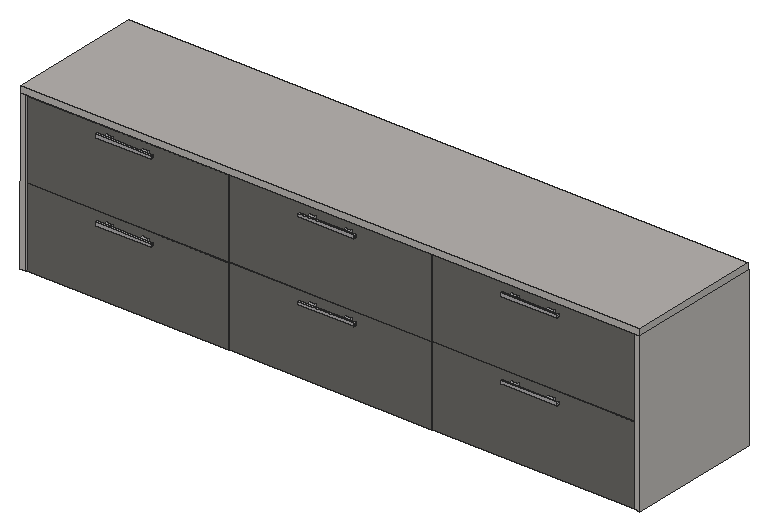
Revit family "Storage-Teknion-CWRS_Teknion_Reception_Console-R2016", category Furniture, Revit 2018
Family settings
  OmniClass Number = 23.40.20.00
  OmniClass Title = General Furniture and Specialties
  Work Plane-Based = No
  Always vertical = Yes
  Cut with Voids When Loaded = No
  Shared = Yes
  Room Calculation Point = No
Parameters (values of type "29" Height, No Top Divider")
  Width [instance] = 108.000"
  Warranty = "http://www.teknion.com/ca/papers/legal-canada"
  Vertical Door Cut Offset [instance] = if(and([All Single Drawer Upper - Closed Cabinet Lower], [2N]), 7.368", if(and([All Single Drawer Upper - Closed Cabinet Lower], not([2N])), 6.303", 0.000"))  # 0.000"
  Unit Weight URL = "http://www.teknion.com/ca/tools/assets#&asset=bee6a381-b954-425e-8283-5a2de3a804f2,f828d448-4b62-4231-9e5f-9a8991c0ed77"
  URL = "www.teknion.com"
  Triple Bay Offset [instance] = if(Triple Bay, 4.343", 0.500")  # 4.343"
  Triple Bay Door Offset [instance] = if(and(not(All Lateral File), Triple Bay), 4.343", 0.500")  # 0.500"
  Triple Bay [instance] = not(Double Bay)  # yes
  Top Side Offsets [instance] = if([4T], 0.000", 1.039")  # 1.039"
  To render, please download texture images found here [instance] = "https://assets.teknion.com/web/5e81352c1dfdb467/revit-material-swatches/"
  Sustainability Data = "https://www.teknion.com/ca/tools/assets#&topic=216f99a5-57a0-44fc-b10a-9dee9b29ae4c&asset=444deb64-fe58-4b68-981e-f75e97781df7,b4ff2d81-9f2e-437d-9659-7cffb09c31cf"
  Storage Configuration Notes [instance] = "Select one of these options below. All Lateral File is selected by default."  # constant formula
  Side Top Offsets = if([4T], Height, Height - 1.039")  # 27.961"
  Series = "Custom Wood"  # constant formula
  Pull Finish [instance] = Paint - Teknion - Mica - Titanium Grey
  Product Page URL = "https://www.teknion.com/ca/products/product-details?productLineId=0d82026f-8e7a-673b-a6c8-ff05004460c4"
  Product Line = "Teknion Reception"  # constant formula
  Product Documentation Link = "https://assets.teknion.com/m/148e0412a085a50e/original/Teknion-Reception-Sell-Sheet.pdf"
  Part Number = "CWRS"
  Not 4T = not([4T])  # yes
  Not 2N = not([2N])  # no
  Model = "CWRS2N_______"
  Manufacturer Phone = "416-661-3370"  # constant formula
  Manufacturer Fax = "416.661.4586"  # constant formula
  Manufacturer Contact Information = "http://www.teknion.com/ca/contactus"
  Manufacturer Address = "1150 Flint Road, Toronto, ON. M3J 2J5. Canada"  # constant formula
  Manufacturer = "Teknion"  # constant formula
  Interal Divider Offsets [instance] = if([4T], Height - 7.039", Height - 1.039")  # 27.961"
  How To Use Teknion Materials User Guide [instance] = "https://assets.teknion.com/m/205dd0a49fa58060/original/How-to-add-a-Material-Library-and-Texture-Images-to-your-Revit-project.pdf"
  Horizontal Drawer Cut Offset 2 [instance] = if(or(All Closed Cabinets, and(All Lateral File, [2N])), 0.500", 4.343")  # 0.500"
  Horizontal Drawer Cut Offset [instance] = if(All Lateral File, 4.343", 0.500")  # 4.343"
  Horizontal Drawer Cut Height Offset [instance] = if([2N], 13.902", 13.241")  # 13.902"
  Horizontal Drawer Cut 2 Height Offset [instance] = if(All Lateral File, 24.062", if([2N], 20.500", 28.500"))  # 24.062"
  Height = 29.000"
  Handle Vertical Triple [instance] = and(or(All Closed Cabinets, [All Single Drawer Upper - Closed Cabinet Lower]), Triple Bay)  # no
  Handle Vertical Offsets 2 [instance] = if(and([All Single Drawer Upper - Closed Cabinet Lower], [2N]), 3.991", if(and([All Single Drawer Upper - Closed Cabinet Lower], not([2N])), 3.991", 3.912"))  # 3.912"
  Handle Vertical Offsets [instance] = if(and([All Single Drawer Upper - Closed Cabinet Lower], [2N]), 2.759", if(and([All Single Drawer Upper - Closed Cabinet Lower], not([2N])), 2.759", 2.680"))  # 2.680"
  Handle Vertical Double [instance] = and(or(All Closed Cabinets, [All Single Drawer Upper - Closed Cabinet Lower]), Double Bay)  # no
  Handle Horizontal Top Triple [instance] = and(or(All Lateral File, [All Single Drawer Upper - Closed Cabinet Lower]), Triple Bay)  # yes
  Handle Horizontal Top Double [instance] = and(or(All Lateral File, [All Single Drawer Upper - Closed Cabinet Lower]), Double Bay)  # no
  Handle Horizontal Middle Triple [instance] = and(and(All Lateral File, not([2N])), Triple Bay)  # no
  Handle Horizontal Middle Double [instance] = and(and(All Lateral File, not([2N])), Double Bay)  # no
  Handle Horizontal Bottom Triple [instance] = and(All Lateral File, Triple Bay)  # yes
  Handle Horizontal Bottom Double [instance] = and(All Lateral File, Double Bay)  # no
  Front Finish [instance] = Wood - Teknion - DZ - Truffle
  For Additional Finishes, please visit [instance] = "https://assets.teknion.com/m/44a8009b046e5d47/original/Teknion_Materials_Library.zip"
  Double Bay Offset [instance] = if(Double Bay, 4.343", 0.500")  # 0.500"
  Double Bay Door Offset [instance] = if(and(not(All Lateral File), Double Bay), 4.343", 0.500")  # 0.500"
  Double Bay [instance] = or(Width = 60.000", Width = 72.000")  # no
  Description = "Teknion Reception, Console Storage, 29\" Height, No Top Divider"
  Depth [instance] = 24.000"
  Bottom Trim Offset = if([2N], 1.020", 2.343")  # 1.020"
  Bottom Trim Cutout [instance] = if([2N], 0.500", 4.343")  # 0.500"
  Base & Top Finish [instance] = Veneer-Teknion-5S-Flintwood-Silverwash
  Available Widths [instance] = "60, 72, 90, and 108 Inches."  # constant formula
  Availabile Depths [instance] = "20, and 24 Inches."  # constant formula
  Assembly Code = "E2020200"
  All Single Drawer Upper Closed Cabinet Lower & Triple [instance] = and([All Single Drawer Upper - Closed Cabinet Lower], Triple Bay)  # no
  All Single Drawer Upper Closed Cabinet Lower & Double [instance] = and([All Single Drawer Upper - Closed Cabinet Lower], Double Bay)  # no
  All Single Drawer Upper - Closed Cabinet Lower [instance] = no
  All Lateral File [instance] = and(not(All Closed Cabinets), not([All Single Drawer Upper - Closed Cabinet Lower]))  # yes
  All Closed Cabinets & Triple [instance] = and(All Closed Cabinets, Triple Bay)  # no
  All Closed Cabinets & Double [instance] = and(All Closed Cabinets, Double Bay)  # no
  All Closed Cabinets [instance] = no
  Actual Width [instance] = Width + 2.079"  # 110.079"
  4T&Triple [instance] = and([4T], Triple Bay)  # no
  4T&Double [instance] = and([4T], Double Bay)  # no
  4T = no
  3N = no
  2N = yes
Reference planes (in)
  plane 1 "Center Front/Back": y = 0
  plane 2: z = 0
  plane 3 "Center Left/Right": x = 0
  plane 4 "Left": x = -55.0395
  plane 5 "Right": x = 55.0395
  plane 6 "Back": y = 12
  plane 7 "Front": y = -12
  plane 8 "Top": z = 29
  plane 9: x = -27.00006
  plane 10: x = -54.00013
  plane 11: x = 54.00013
  plane 12: x = 27.00006
  plane 13: x = -18.00004
  plane 14: x = 18.00004
  plane 15: z = 27.961
  plane 16: z = 27.961
  plane 17: x = -19.03904
  plane 18: x = -16.96104
  plane 19: x = -1.039
  plane 20: x = 1.039
  plane 21: x = -52.96113
  plane 22: y = 11.882
  plane 23: x = 16.96104
  plane 24: x = 19.03904
  plane 25: x = 52.96113
  plane 26: y = -11.039
  plane 27: y = -10.98
  plane 28: y = -10.256
  plane 29: z = 27.23622
  plane 30: z = 2.5
  plane 31: z = 3.22441
  plane 32: y = 9.88189
  plane 33: y = 9.15748
  plane 34: y = -11.157
  plane 35: y = -11.882
  plane 36: x = -53.96113
  plane 37 "B": x = 53.96113
  plane 38: z = 27.882
  plane 39: x = -36.00009
  plane 40: x = 36.00009
  plane 41: y = -14
  plane 42 "A": x = -55.03913
  plane 43 "C": x = 55.03913
  plane 44: y = 4
  plane 45: z = 13.902
  plane 46: z = 27.882
  plane 47: z = 24.062
Forms (in)
  Sweep 1, solid, material "Veneer-Teknion-5S-Flintwood-Silverwash" <- "Base & Top Finish"
    path origin (0, 0, 0) x (1, 0, 0) y (0, 0, 1)
      loop
        line (0, 0) -> (0, 27.961)
    profile origin (0, 0, 13.9805) x (-1, 0, 0) y (0, -1, 0)
      loop
        line (55.0395, -12) -> (55.0395, 12) -> (54.00013, 12) -> (54.00013, -12) -> (55.0395, -12)
      loop
        line (-54.00013, -12) -> (-54.00013, 12) -> (-55.0395, 12) -> (-55.0395, -12) -> (-54.00013, -12)
  Sweep 2, solid, material "Wood - Teknion - DZ - Truffle" <- "Front Finish"
    path origin (0, 0, 0) x (1, 0, 0) y (0, 0, 1)
      loop
        line (0, 0) -> (0, 27.961)
    profile origin (0, 0, 13.9805) x (-1, 0, 0) y (0, -1, 0)
      loop
        line (54.00013, -11.882) -> (54.00013, 11.039) -> (52.96113, 11.039) -> (52.96113, -11.882) -> (54.00013, -11.882)
      loop
        line (-54.00013, -11.882) -> (-52.96113, -11.882) -> (-52.96113, 11.039) -> (-54.00013, 11.039) -> (-54.00013, -11.882)
  Sweep 3, solid, material "Wood - Teknion - DZ - Truffle" <- "Front Finish", visible <- "Triple Bay"
    path origin (0, 0, 0) x (1, 0, 0) y (0, 0, 1)
      loop
        line (0, 0) -> (0, 27.961)
    profile origin (0, 0, 13.9805) x (-1, 0, 0) y (0, -1, 0)
      loop
        line (19.03904, -11.882) -> (19.03904, 11.039) -> (18.00004, 11.039) -> (18.00004, -11.882) -> (19.03904, -11.882)
      loop
        line (-19.03904, -11.882) -> (-18.00004, -11.882) -> (-18.00004, 11.039) -> (-19.03904, 11.039) -> (-19.03904, -11.882)
  Sweep 4, solid, material "Wood - Teknion - DZ - Truffle" <- "Front Finish", visible <- "Triple Bay"
    path origin (0, 0, 0) x (1, 0, 0) y (0, 0, 1)
      loop
        line (0, 0) -> (0, 27.961)
    profile origin (0, 0, 13.9805) x (-1, 0, 0) y (0, -1, 0)
      loop
        line (18.00004, -11.882) -> (18.00004, 11.039) -> (16.96104, 11.039) -> (16.96104, -11.882) -> (18.00004, -11.882)
      loop
        line (-18.00004, -11.882) -> (-16.96104, -11.882) -> (-16.96104, 11.039) -> (-18.00004, 11.039) -> (-18.00004, -11.882)
  Sweep 5, solid, material "Wood - Teknion - DZ - Truffle" <- "Front Finish", visible <- "Double Bay"
    path origin (0, 0, 0) x (1, 0, 0) y (0, 0, 1)
      loop
        line (0, 0) -> (0, 27.961)
    profile origin (0, 0, 13.9805) x (-1, 0, 0) y (0, -1, 0)
      loop
        line (1.039, -11.882) -> (1.039, 11.039) -> (0, 11.039) -> (0, -11.882) -> (1.039, -11.882)
  Sweep 6, solid, material "Wood - Teknion - DZ - Truffle" <- "Front Finish", visible <- "Double Bay"
    path origin (0, 0, 0) x (1, 0, 0) y (0, 0, 1)
      loop
        line (0, 0) -> (0, 27.961)
    profile origin (0, 0, 13.9805) x (-1, 0, 0) y (0, -1, 0)
      loop
        line (0, -11.882) -> (0, 11.039) -> (-1.039, 11.039) -> (-1.039, -11.882) -> (0, -11.882)
  Sweep 7, solid, material "Wood - Teknion - DZ - Truffle" <- "Front Finish", visible <- "Triple Bay"
    path origin (0, 0, 0) x (1, 0, 0) y (0, 1, 0)
      loop
        line (-52.96113, 0) -> (-19.03904, 0)
    profile origin (-36.00009, 0, 0) x (0, 1, 0) y (0, 0, 1)
      loop
        line (9.15748, 3.22441) -> (-11.039, 3.22441) -> (-11.039, 2.5) -> (-10.98, 2.5) -> (-10.98, 0) -> (-10.256, 0) -> (-10.256, 2.5) -> (9.15748, 2.5) -> (9.15748, 3.22441)
      loop
        line (9.15748, 27.961) -> (-11.039, 27.961) -> (-11.039, 27.23622) -> (9.15748, 27.23622) -> (9.15748, 27.961)
  Sweep 8, solid, material "Wood - Teknion - DZ - Truffle" <- "Front Finish", visible <- "Triple Bay"
    path origin (0, 0, 0) x (1, 0, 0) y (0, 1, 0)
      loop
        line (-16.96104, 0) -> (16.96104, 0)
    profile origin (0, 0, 0) x (0, 1, 0) y (0, 0, 1)
      loop
        line (9.15748, 3.22441) -> (-11.039, 3.22441) -> (-11.039, 2.5) -> (-10.98, 2.5) -> (-10.98, 0) -> (-10.256, 0) -> (-10.256, 2.5) -> (9.15748, 2.5) -> (9.15748, 3.22441)
      loop
        line (9.15748, 27.961) -> (-11.039, 27.961) -> (-11.039, 27.23622) -> (9.15748, 27.23622) -> (9.15748, 27.961)
  Sweep 9, solid, material "Wood - Teknion - DZ - Truffle" <- "Front Finish", visible <- "Triple Bay"
    path origin (0, 0, 0) x (1, 0, 0) y (0, 1, 0)
      loop
        line (19.03904, 0) -> (52.96113, 0)
    profile origin (36.00009, 0, 0) x (0, 1, 0) y (0, 0, 1)
      loop
        line (9.15748, 3.22441) -> (-11.039, 3.22441) -> (-11.039, 2.5) -> (-10.98, 2.5) -> (-10.98, 0) -> (-10.256, 0) -> (-10.256, 2.5) -> (9.15748, 2.5) -> (9.15748, 3.22441)
      loop
        line (9.15748, 27.961) -> (-11.039, 27.961) -> (-11.039, 27.23622) -> (9.15748, 27.23622) -> (9.15748, 27.961)
  Sweep 10, solid, material "Wood - Teknion - DZ - Truffle" <- "Front Finish", visible <- "Double Bay"
    path origin (0, 0, 0) x (1, 0, 0) y (0, 1, 0)
      loop
        line (-52.96113, 0) -> (-1.039, 0)
    profile origin (-27.00006, 0, 0) x (0, 1, 0) y (0, 0, 1)
      loop
        line (9.15748, 3.22441) -> (-11.039, 3.22441) -> (-11.039, 2.5) -> (-10.98, 2.5) -> (-10.98, 0) -> (-10.256, 0) -> (-10.256, 2.5) -> (9.15748, 2.5) -> (9.15748, 3.22441)
      loop
        line (9.15748, 27.961) -> (-11.039, 27.961) -> (-11.039, 27.23622) -> (9.15748, 27.23622) -> (9.15748, 27.961)
  Sweep 11, solid, material "Wood - Teknion - DZ - Truffle" <- "Front Finish", visible <- "Double Bay"
    path origin (0, 0, 0) x (1, 0, 0) y (0, 1, 0)
      loop
        line (1.039, 0) -> (52.96113, 0)
    profile origin (27.00006, 0, 0) x (0, 1, 0) y (0, 0, 1)
      loop
        line (9.15748, 3.22441) -> (-11.039, 3.22441) -> (-11.039, 2.5) -> (-10.98, 2.5) -> (-10.98, 0) -> (-10.256, 0) -> (-10.256, 2.5) -> (9.15748, 2.5) -> (9.15748, 3.22441)
      loop
        line (9.15748, 27.961) -> (-11.039, 27.961) -> (-11.039, 27.23622) -> (9.15748, 27.23622) -> (9.15748, 27.961)
  Sweep 12, solid, material "Veneer-Teknion-5S-Flintwood-Silverwash" <- "Base & Top Finish", visible <- "Triple Bay"
    path origin (0, 0, 0) x (1, 0, 0) y (0, 0, 1)
      loop
        line (0, 0) -> (0, 27.961)
    profile origin (0, 0, 13.9805) x (-1, 0, 0) y (0, -1, 0)
      loop
        line (52.96113, -9.88189) -> (52.96113, -9.15748) -> (19.03904, -9.15748) -> (19.03904, -9.88189) -> (52.96113, -9.88189)
      loop
        line (16.96104, -9.88189) -> (16.96104, -9.15748) -> (-16.96104, -9.15748) -> (-16.96104, -9.88189) -> (16.96104, -9.88189)
      loop
        line (-19.03904, -9.88189) -> (-19.03904, -9.15748) -> (-52.96113, -9.15748) -> (-52.96113, -9.88189) -> (-19.03904, -9.88189)
  Sweep 13, solid, material "Veneer-Teknion-5S-Flintwood-Silverwash" <- "Base & Top Finish", visible <- "Double Bay"
    path origin (0, 0, 0) x (1, 0, 0) y (0, 0, 1)
      loop
        line (0, 0) -> (0, 27.961)
    profile origin (0, 0, 13.9805) x (-1, 0, 0) y (0, -1, 0)
      loop
        line (52.96113, -9.88189) -> (52.96113, -9.15748) -> (1.039, -9.15748) -> (1.039, -9.88189) -> (52.96113, -9.88189)
      loop
        line (-1.039, -9.88189) -> (-1.039, -9.15748) -> (-52.96113, -9.15748) -> (-52.96113, -9.88189) -> (-1.039, -9.88189)
  Sweep 14, solid, material "Wood - Teknion - DZ - Truffle" <- "Front Finish"
    path origin (0, 0, 0) x (1, 0, 0) y (0, 0, 1)
      loop
        line (0, 0) -> (0, 27.882)
    profile origin (0, 0, 13.941) x (-1, 0, 0) y (0, -1, 0)
      loop
        line (53.96113, 11.157) -> (53.96113, 11.882) -> (-53.96113, 11.882) -> (-53.96113, 11.157) -> (53.96113, 11.157)
  Sweep 15, solid, material "Veneer-Teknion-5S-Flintwood-Silverwash" <- "Base & Top Finish", visible <- "Not 2N"
    path origin (0, 0, 0) x (1, 0, 0) y (0, 1, 0)
      loop
        line (-54.00013, 0) -> (54.00013, 0)
    profile origin (0, 0, 0) x (0, 1, 0) y (0, 0, 1)
      loop
        line (-9.657, 2.5) -> (-10.38141, 2.5) -> (-10.38141, 0) -> (-9.657, 0) -> (-9.657, 2.5)
  Sweep 16, void
    path origin (0, 0, 0) x (1, 0, 0) y (0, 1, 0)
      loop
        line (0, -14) -> (0, -13.5)
    profile origin (0, -13.75, 0) x (-1, 0, 0) y (0, 0, 1)
      loop
        line (54.00013, 2.5) -> (-54.00013, 2.5) -> (-54.00013, 0) -> (54.00013, 0) -> (54.00013, 2.5)
  Sweep 17, void
    path origin (0, 0, 0) x (1, 0, 0) y (0, 1, 0)
      loop
        line (0, -14) -> (0, -13.5)
    profile origin (0, -13.75, 0) x (-1, 0, 0) y (0, 0, 1)
      loop
        line (0.03974, 27.961) -> (-0.039, 27.961) -> (-0.039, 0) -> (0.03974, 0) -> (0.03974, 27.961)
  Sweep 18, void
    path origin (0, 0, 0) x (1, 0, 0) y (0, 1, 0)
      loop
        line (0, -14) -> (0, -9.657)
    profile origin (0, -11.8285, 0) x (-1, 0, 0) y (0, 0, 1)
      loop
        line (18.03978, 27.961) -> (17.96104, 27.961) -> (17.96104, 0) -> (18.03978, 0) -> (18.03978, 27.961)
      loop
        line (-17.9603, 27.961) -> (-18.03904, 27.961) -> (-18.03904, 0) -> (-17.9603, 0) -> (-17.9603, 27.961)
  Sweep 19, solid, material "Veneer-Teknion-5S-Flintwood-Silverwash" <- "Base & Top Finish"
    path origin (0, 0, 0) x (1, 0, 0) y (0, 0, 1)
      loop
        line (0, 27.961) -> (0, 29.00037)
    profile origin (0, 0, 28.48069) x (-1, 0, 0) y (0, -1, 0)
      loop
        line (55.03913, -12) -> (55.03913, 12) -> (-55.03913, 12) -> (-55.03913, -12) -> (55.03913, -12)
  Sweep 20, solid, material "Veneer-Teknion-5S-Flintwood-Silverwash" <- "Base & Top Finish", visible <- "4T"
    path origin (0, 0, 0) x (1, 0, 0) y (0, 0, 1)
      loop
        line (0, 26.92163) -> (0, 27.961)
    profile origin (0, 0, 27.44131) x (-1, 0, 0) y (0, -1, 0)
      loop
        line (54.00013, -12) -> (54.00013, -4) -> (-54.00013, -4) -> (-54.00013, -12) -> (54.00013, -12)
  Sweep 21, solid, material "Veneer-Teknion-5S-Flintwood-Silverwash" <- "Base & Top Finish", visible <- "4T&Double"
    path origin (0, 0, 0) x (1, 0, 0) y (0, 0, 1)
      loop
        line (0, 21.96137) -> (0, 26.92163)
    profile origin (0, 0, 24.4415) x (-1, 0, 0) y (0, -1, 0)
      loop
        line (54.00013, -4.75) -> (0, -4.75) -> (0, -5.47441) -> (0.25013, -5.47441) -> (0.25013, -11.27559) -> (-54.00013, -11.27559) -> (-54.00013, -12) -> (0.97454, -12) -> (0.97454, -5.47441) -> (54.00013, -5.47441) -> (54.00013, -4.75)
  Sweep 22, solid, material "Veneer-Teknion-5S-Flintwood-Silverwash" <- "Base & Top Finish", visible <- "4T&Triple"
    path origin (0, 0, 0) x (1, 0, 0) y (0, 0, 1)
      loop
        line (0, 21.96137) -> (0, 26.92163)
    profile origin (0, 0, 24.4415) x (-1, 0, 0) y (0, -1, 0)
      loop
        line (54.00013, -12) -> (54.00013, -11.27559) -> (17.74976, -11.27559) -> (17.74976, -5.47441) -> (18.00004, -5.47441) -> (18.00004, -4.75) -> (-18.00004, -4.75) -> (-18.00004, -5.47441) -> (-17.75024, -5.47441) -> (-17.75024, -11.27559) -> (-54.00013, -11.27559) -> (-54.00013, -12) -> (54.00013, -12)
      loop
        line (17.02535, -11.27559) -> (17.02535, -5.47441) -> (-17.02583, -5.47441) -> (-17.02583, -11.27559) -> (17.02535, -11.27559)
  Sweep 23, void
    path origin (0, 0, 0) x (1, 0, 0) y (0, 1, 0)
      loop
        line (0, -14) -> (0, -13.5)
    profile origin (0, -13.75, 0) x (-1, 0, 0) y (0, 0, 1)
      loop
        line (27.03944, 27.882) -> (26.96069, 27.882) -> (26.96069, 0) -> (27.03944, 0) -> (27.03944, 27.882)
      loop
        line (-27.03944, 27.882) -> (-27.03944, 0) -> (-26.96069, 0) -> (-26.96069, 27.882) -> (-27.03944, 27.882)
  Sweep 24, void
    path origin (0, 0, 0) x (1, 0, 0) y (0, 1, 0)
      loop
        line (0, -14) -> (0, -13.5)
    profile origin (0, -13.75, 0) x (-1, 0, 0) y (0, 0, 1)
      loop
        line (-0.03937, 0) -> (0.03937, 0) -> (0.03937, 27.882) -> (-0.03937, 27.882) -> (-0.03937, 0)
      loop
        line (35.96072, 0) -> (36.03946, 0) -> (36.03946, 27.882) -> (35.96072, 27.882) -> (35.96072, 0)
      loop
        line (-36.03946, 0) -> (-35.96072, 0) -> (-35.96072, 27.882) -> (-36.03946, 27.882) -> (-36.03946, 0)
  Sweep 25, void
    path origin (0, 0, 0) x (1, 0, 0) y (0, 1, 0)
      loop
        line (0, -14) -> (0, -9.657)
    profile origin (0, -11.8285, 0) x (-1, 0, 0) y (0, 0, 1)
      loop
        line (53.96113, 13.902) -> (53.96113, 13.98074) -> (-53.96113, 13.98074) -> (-53.96113, 13.902) -> (53.96113, 13.902)
  Sweep 26, void
    path origin (0, 0, 0) x (1, 0, 0) y (0, 1, 0)
      loop
        line (0, -14) -> (0, -13.5)
    profile origin (0, -13.75, 0) x (-1, 0, 0) y (0, 0, 1)
      loop
        line (53.96113, 24.14074) -> (-53.96113, 24.14074) -> (-53.96113, 24.062) -> (53.96113, 24.062) -> (53.96113, 24.14074)
  Sweep 27, solid, material "Paint - Teknion - Mica - Titanium Grey" <- "Pull Finish", visible <- "Handle Horizontal Top Triple"
    path origin (0, 0, 0) x (1, 0, 0) y (0, 1, 0)
      loop
        line (0, -11.882) -> (0, -12.66274)
    profile origin (0, -12.27237, 0) x (1, 0, 0) y (0, 0, 1)
      loop
        line (-39.76827, 26.70643) -> (-39.76827, 26.29757) -> (-38.69012, 26.29757) -> (-38.69012, 26.70643) -> (-39.76827, 26.70643)
      loop
        line (-33.31158, 26.70643) -> (-33.31158, 26.29757) -> (-32.23343, 26.29757) -> (-32.23343, 26.70643) -> (-33.31158, 26.70643)
      loop
        line (-3.76782, 26.70643) -> (-3.76782, 26.29757) -> (-2.68967, 26.29757) -> (-2.68967, 26.70643) -> (-3.76782, 26.70643)
      loop
        line (2.68888, 26.70643) -> (2.68888, 26.29757) -> (3.76703, 26.29757) -> (3.76703, 26.70643) -> (2.68888, 26.70643)
      loop
        line (32.23227, 26.70643) -> (32.23227, 26.29757) -> (33.31042, 26.29757) -> (33.31042, 26.70643) -> (32.23227, 26.70643)
      loop
        line (38.68896, 26.70643) -> (38.68896, 26.29757) -> (39.76711, 26.29757) -> (39.76711, 26.70643) -> (38.68896, 26.70643)
  Sweep 28, solid, material "Paint - Teknion - Mica - Titanium Grey" <- "Pull Finish", visible <- "Handle Horizontal Top Double"
    path origin (0, 0, 0) x (1, 0, 0) y (0, 1, 0)
      loop
        line (0, -11.882) -> (0, -12.66274)
    profile origin (0, -12.27237, 0) x (1, 0, 0) y (0, 0, 1)
      loop
        line (-30.76825, 26.29757) -> (-29.6901, 26.29757) -> (-29.6901, 26.70643) -> (-30.76825, 26.70643) -> (-30.76825, 26.29757)
      loop
        line (-24.31156, 26.29757) -> (-23.23341, 26.29757) -> (-23.23341, 26.70643) -> (-24.31156, 26.70643) -> (-24.31156, 26.29757)
      loop
        line (30.76825, 26.29757) -> (30.76825, 26.70643) -> (29.6901, 26.70643) -> (29.6901, 26.29757) -> (30.76825, 26.29757)
      loop
        line (24.31156, 26.29757) -> (24.31156, 26.70643) -> (23.23341, 26.70643) -> (23.23341, 26.29757) -> (24.31156, 26.29757)
  Sweep 29, solid, material "Paint - Teknion - Mica - Titanium Grey" <- "Pull Finish", visible <- "Handle Horizontal Bottom Triple"
    path origin (0, 0, 0) x (1, 0, 0) y (0, 1, 0)
      loop
        line (0, -11.882) -> (0, -12.66274)
    profile origin (0, -12.27237, 0) x (1, 0, 0) y (0, 0, 1)
      loop
        line (-39.76827, 12.31757) -> (-38.69012, 12.31757) -> (-38.69012, 12.72643) -> (-39.76827, 12.72643) -> (-39.76827, 12.31757)
      loop
        line (-33.31158, 12.31757) -> (-32.23343, 12.31757) -> (-32.23343, 12.72643) -> (-33.31158, 12.72643) -> (-33.31158, 12.31757)
      loop
        line (-3.76782, 12.31757) -> (-2.68967, 12.31757) -> (-2.68967, 12.72643) -> (-3.76782, 12.72643) -> (-3.76782, 12.31757)
      loop
        line (2.68888, 12.31757) -> (3.76703, 12.31757) -> (3.76703, 12.72643) -> (2.68888, 12.72643) -> (2.68888, 12.31757)
      loop
        line (32.23227, 12.31757) -> (33.31042, 12.31757) -> (33.31042, 12.72643) -> (32.23227, 12.72643) -> (32.23227, 12.31757)
      loop
        line (38.68896, 12.31757) -> (39.76711, 12.31757) -> (39.76711, 12.72643) -> (38.68896, 12.72643) -> (38.68896, 12.31757)
  Sweep 30, solid, material "Paint - Teknion - Mica - Titanium Grey" <- "Pull Finish", visible <- "Handle Horizontal Bottom Double"
    path origin (0, 0, 0) x (1, 0, 0) y (0, 1, 0)
      loop
        line (0, -11.882) -> (0, -12.66274)
    profile origin (0, -12.27237, 0) x (1, 0, 0) y (0, 0, 1)
      loop
        line (-30.76825, 12.31757) -> (-29.6901, 12.31757) -> (-29.6901, 12.72643) -> (-30.76825, 12.72643) -> (-30.76825, 12.31757)
      loop
        line (-23.23341, 12.72643) -> (-24.31156, 12.72643) -> (-24.31156, 12.31757) -> (-23.23341, 12.31757) -> (-23.23341, 12.72643)
      loop
        line (24.31156, 12.31757) -> (24.31156, 12.72643) -> (23.23341, 12.72643) -> (23.23341, 12.31757) -> (24.31156, 12.31757)
      loop
        line (30.76825, 12.72643) -> (29.6901, 12.72643) -> (29.6901, 12.31757) -> (30.76825, 12.31757) -> (30.76825, 12.72643)
  Sweep 31, solid, material "Paint - Teknion - Mica - Titanium Grey" <- "Pull Finish", visible <- "Handle Horizontal Middle Triple"
    path origin (0, 0, 0) x (1, 0, 0) y (0, 1, 0)
      loop
        line (0, -11.882) -> (0, -12.66274)
    profile origin (0, -12.27237, 0) x (1, 0, 0) y (0, 0, 1)
      loop
        line (-39.76827, 22.47757) -> (-38.69012, 22.47757) -> (-38.69012, 22.88643) -> (-39.76827, 22.88643) -> (-39.76827, 22.47757)
      loop
        line (-33.31158, 22.47757) -> (-32.23343, 22.47757) -> (-32.23343, 22.88643) -> (-33.31158, 22.88643) -> (-33.31158, 22.47757)
      loop
        line (-3.76782, 22.47757) -> (-2.68967, 22.47757) -> (-2.68967, 22.88643) -> (-3.76782, 22.88643) -> (-3.76782, 22.47757)
      loop
        line (2.68888, 22.47757) -> (3.76703, 22.47757) -> (3.76703, 22.88643) -> (2.68888, 22.88643) -> (2.68888, 22.47757)
      loop
        line (32.23227, 22.47757) -> (33.31042, 22.47757) -> (33.31042, 22.88643) -> (32.23227, 22.88643) -> (32.23227, 22.47757)
      loop
        line (38.68896, 22.47757) -> (39.76711, 22.47757) -> (39.76711, 22.88643) -> (38.68896, 22.88643) -> (38.68896, 22.47757)
  Sweep 32, solid, material "Paint - Teknion - Mica - Titanium Grey" <- "Pull Finish", visible <- "Handle Horizontal Middle Double"
    path origin (0, 0, 0) x (1, 0, 0) y (0, 1, 0)
      loop
        line (0, -11.882) -> (0, -12.66274)
    profile origin (0, -12.27237, 0) x (1, 0, 0) y (0, 0, 1)
      loop
        line (-30.76825, 22.47757) -> (-29.6901, 22.47757) -> (-29.6901, 22.88643) -> (-30.76825, 22.88643) -> (-30.76825, 22.47757)
      loop
        line (-24.31156, 22.47757) -> (-23.23341, 22.47757) -> (-23.23341, 22.88643) -> (-24.31156, 22.88643) -> (-24.31156, 22.47757)
      loop
        line (23.23341, 22.47757) -> (24.31156, 22.47757) -> (24.31156, 22.88643) -> (23.23341, 22.88643) -> (23.23341, 22.47757)
      loop
        line (29.6901, 22.47757) -> (30.76825, 22.47757) -> (30.76825, 22.88643) -> (29.6901, 22.88643) -> (29.6901, 22.47757)
  Sweep 33, solid, material "Paint - Teknion - Mica - Titanium Grey" <- "Pull Finish", visible <- "Handle Horizontal Top Triple"
    path origin (0, 0, 0) x (1, 0, 0) y (0, 1, 0)
      loop
        line (0, -12.88594) -> (0, -12.58594)
    profile origin (0, -12.73594, 0) x (-1, 0, 0) y (0, 0, 1)
      loop
        line (31.13788, 26.22641) -> (40.86229, 26.22641)
        arc (40.86229, 26.22641) -> (40.95973, 26.26677) -> (41.00009, 26.3642) r 0.1378
        line (41.00009, 26.3642) -> (41.00009, 26.6398)
        arc (41.00009, 26.6398) -> (40.95973, 26.73723) -> (40.86229, 26.77759) r 0.1378
        line (40.86229, 26.77759) -> (31.13788, 26.77759)
        arc (31.13788, 26.77759) -> (31.04045, 26.73723) -> (31.00009, 26.6398) r 0.1378
        line (31.00009, 26.6398) -> (31.00009, 26.3642)
        arc (31.00009, 26.3642) -> (31.04045, 26.26677) -> (31.13788, 26.22641) r 0.1378
      loop
        line (-4.86181, 26.22641) -> (4.8626, 26.22641)
        arc (4.8626, 26.22641) -> (4.96003, 26.26677) -> (5.00039, 26.3642) r 0.1378
        line (5.00039, 26.3642) -> (5.00039, 26.6398)
        arc (5.00039, 26.6398) -> (4.96003, 26.73723) -> (4.8626, 26.77759) r 0.1378
        line (4.8626, 26.77759) -> (-4.86181, 26.77759)
        arc (-4.86181, 26.77759) -> (-4.95925, 26.73723) -> (-4.99961, 26.6398) r 0.1378
        line (-4.99961, 26.6398) -> (-4.99961, 26.3642)
        arc (-4.99961, 26.3642) -> (-4.95925, 26.26677) -> (-4.86181, 26.22641) r 0.1378
      loop
        line (-40.8619, 26.22641) -> (-31.13749, 26.22641)
        arc (-31.13749, 26.22641) -> (-31.04005, 26.26677) -> (-30.99969, 26.3642) r 0.1378
        line (-30.99969, 26.3642) -> (-30.99969, 26.6398)
        arc (-30.99969, 26.6398) -> (-31.04005, 26.73723) -> (-31.13749, 26.77759) r 0.1378
        line (-31.13749, 26.77759) -> (-40.8619, 26.77759)
        arc (-40.8619, 26.77759) -> (-40.95933, 26.73723) -> (-40.99969, 26.6398) r 0.1378
        line (-40.99969, 26.6398) -> (-40.99969, 26.3642)
        arc (-40.99969, 26.3642) -> (-40.95933, 26.26677) -> (-40.8619, 26.22641) r 0.1378
  Sweep 34, solid, material "Paint - Teknion - Mica - Titanium Grey" <- "Pull Finish", visible <- "Handle Horizontal Top Double"
    path origin (0, 0, 0) x (1, 0, 0) y (0, 1, 0)
      loop
        line (0, -12.58594) -> (0, -12.88594)
    profile origin (0, -12.73594, 0) x (1, 0, 0) y (0, 0, 1)
      loop
        line (-31.86303, 26.22641) -> (-22.13862, 26.22641)
        arc (-22.13862, 26.22641) -> (-22.04119, 26.26677) -> (-22.00083, 26.3642) r 0.1378
        line (-22.00083, 26.3642) -> (-22.00083, 26.6398)
        arc (-22.00083, 26.6398) -> (-22.04119, 26.73723) -> (-22.13862, 26.77759) r 0.1378
        line (-22.13862, 26.77759) -> (-31.86303, 26.77759)
        arc (-31.86303, 26.77759) -> (-31.96047, 26.73723) -> (-32.00083, 26.6398) r 0.1378
        line (-32.00083, 26.6398) -> (-32.00083, 26.3642)
        arc (-32.00083, 26.3642) -> (-31.96047, 26.26677) -> (-31.86303, 26.22641) r 0.1378
      loop
        line (22.1371, 26.22641) -> (31.86151, 26.22641)
        arc (31.86151, 26.22641) -> (31.95894, 26.26677) -> (31.9993, 26.3642) r 0.1378
        line (31.9993, 26.3642) -> (31.9993, 26.6398)
        arc (31.9993, 26.6398) -> (31.95894, 26.73723) -> (31.86151, 26.77759) r 0.1378
        line (31.86151, 26.77759) -> (22.1371, 26.77759)
        arc (22.1371, 26.77759) -> (22.03966, 26.73723) -> (21.9993, 26.6398) r 0.1378
        line (21.9993, 26.6398) -> (21.9993, 26.3642)
        arc (21.9993, 26.3642) -> (22.03966, 26.26677) -> (22.1371, 26.22641) r 0.1378
  Sweep 35, solid, material "Paint - Teknion - Mica - Titanium Grey" <- "Pull Finish", visible <- "Handle Horizontal Middle Triple"
    path origin (0, 0, 0) x (1, 0, 0) y (0, 1, 0)
      loop
        line (0, -12.88594) -> (0, -12.58594)
    profile origin (0, -12.73594, 0) x (-1, 0, 0) y (0, 0, 1)
      loop
        arc (40.86229, 22.40641) -> (40.95973, 22.44677) -> (41.00009, 22.5442) r 0.1378
        line (41.00009, 22.5442) -> (41.00009, 22.8198)
        arc (41.00009, 22.8198) -> (40.95973, 22.91723) -> (40.86229, 22.95759) r 0.1378
        line (40.86229, 22.95759) -> (31.13788, 22.95759)
        arc (31.13788, 22.95759) -> (31.04045, 22.91723) -> (31.00009, 22.8198) r 0.1378
        line (31.00009, 22.8198) -> (31.00009, 22.5442)
        arc (31.00009, 22.5442) -> (31.04045, 22.44677) -> (31.13788, 22.40641) r 0.1378
        line (31.13788, 22.40641) -> (40.86229, 22.40641)
      loop
        arc (4.8626, 22.40641) -> (4.96003, 22.44677) -> (5.00039, 22.5442) r 0.1378
        line (5.00039, 22.5442) -> (5.00039, 22.8198)
        arc (5.00039, 22.8198) -> (4.96003, 22.91723) -> (4.8626, 22.95759) r 0.1378
        line (4.8626, 22.95759) -> (-4.86181, 22.95759)
        arc (-4.86181, 22.95759) -> (-4.95925, 22.91723) -> (-4.99961, 22.8198) r 0.1378
        line (-4.99961, 22.8198) -> (-4.99961, 22.5442)
        arc (-4.99961, 22.5442) -> (-4.95925, 22.44677) -> (-4.86181, 22.40641) r 0.1378
        line (-4.86181, 22.40641) -> (4.8626, 22.40641)
      loop
        arc (-31.13749, 22.40641) -> (-31.04005, 22.44677) -> (-30.99969, 22.5442) r 0.1378
        line (-30.99969, 22.5442) -> (-30.99969, 22.8198)
        arc (-30.99969, 22.8198) -> (-31.04005, 22.91723) -> (-31.13749, 22.95759) r 0.1378
        line (-31.13749, 22.95759) -> (-40.8619, 22.95759)
        arc (-40.8619, 22.95759) -> (-40.95933, 22.91723) -> (-40.99969, 22.8198) r 0.1378
        line (-40.99969, 22.8198) -> (-40.99969, 22.5442)
        arc (-40.99969, 22.5442) -> (-40.95933, 22.44677) -> (-40.8619, 22.40641) r 0.1378
        line (-40.8619, 22.40641) -> (-31.13749, 22.40641)
  Sweep 36, solid, material "Paint - Teknion - Mica - Titanium Grey" <- "Pull Finish", visible <- "Handle Horizontal Middle Double"
    path origin (0, 0, 0) x (1, 0, 0) y (0, 1, 0)
      loop
        line (0, -12.88594) -> (0, -12.58594)
    profile origin (0, -12.73594, 0) x (-1, 0, 0) y (0, 0, 1)
      loop
        arc (31.86303, 22.40641) -> (31.96047, 22.44677) -> (32.00083, 22.5442) r 0.1378
        line (32.00083, 22.5442) -> (32.00083, 22.8198)
        arc (32.00083, 22.8198) -> (31.96047, 22.91723) -> (31.86303, 22.95759) r 0.1378
        line (31.86303, 22.95759) -> (22.13862, 22.95759)
        arc (22.13862, 22.95759) -> (22.04119, 22.91723) -> (22.00083, 22.8198) r 0.1378
        line (22.00083, 22.8198) -> (22.00083, 22.5442)
        arc (22.00083, 22.5442) -> (22.04119, 22.44677) -> (22.13862, 22.40641) r 0.1378
        line (22.13862, 22.40641) -> (31.86303, 22.40641)
      loop
        arc (-22.1371, 22.40641) -> (-22.03966, 22.44677) -> (-21.9993, 22.5442) r 0.1378
        line (-21.9993, 22.5442) -> (-21.9993, 22.8198)
        arc (-21.9993, 22.8198) -> (-22.03966, 22.91723) -> (-22.1371, 22.95759) r 0.1378
        line (-22.1371, 22.95759) -> (-31.86151, 22.95759)
        arc (-31.86151, 22.95759) -> (-31.95894, 22.91723) -> (-31.9993, 22.8198) r 0.1378
        line (-31.9993, 22.8198) -> (-31.9993, 22.5442)
        arc (-31.9993, 22.5442) -> (-31.95894, 22.44677) -> (-31.86151, 22.40641) r 0.1378
        line (-31.86151, 22.40641) -> (-22.1371, 22.40641)
  Sweep 37, solid, material "Paint - Teknion - Mica - Titanium Grey" <- "Pull Finish", visible <- "Handle Horizontal Bottom Triple"
    path origin (0, 0, 0) x (1, 0, 0) y (0, 1, 0)
      loop
        line (0, -12.88594) -> (0, -12.58594)
    profile origin (0, -12.73594, 0) x (-1, 0, 0) y (0, 0, 1)
      loop
        arc (40.86229, 12.24641) -> (40.95973, 12.28677) -> (41.00009, 12.3842) r 0.1378
        line (41.00009, 12.3842) -> (41.00009, 12.6598)
        arc (41.00009, 12.6598) -> (40.95973, 12.75723) -> (40.86229, 12.79759) r 0.1378
        line (40.86229, 12.79759) -> (31.13788, 12.79759)
        arc (31.13788, 12.79759) -> (31.04045, 12.75723) -> (31.00009, 12.6598) r 0.1378
        line (31.00009, 12.6598) -> (31.00009, 12.3842)
        arc (31.00009, 12.3842) -> (31.04045, 12.28677) -> (31.13788, 12.24641) r 0.1378
        line (31.13788, 12.24641) -> (40.86229, 12.24641)
      loop
        arc (4.8626, 12.24641) -> (4.96003, 12.28677) -> (5.00039, 12.3842) r 0.1378
        line (5.00039, 12.3842) -> (5.00039, 12.6598)
        arc (5.00039, 12.6598) -> (4.96003, 12.75723) -> (4.8626, 12.79759) r 0.1378
        line (4.8626, 12.79759) -> (-4.86181, 12.79759)
        arc (-4.86181, 12.79759) -> (-4.95925, 12.75723) -> (-4.99961, 12.6598) r 0.1378
        line (-4.99961, 12.6598) -> (-4.99961, 12.3842)
        arc (-4.99961, 12.3842) -> (-4.95925, 12.28677) -> (-4.86181, 12.24641) r 0.1378
        line (-4.86181, 12.24641) -> (4.8626, 12.24641)
      loop
        arc (-31.13749, 12.24641) -> (-31.04005, 12.28677) -> (-30.99969, 12.3842) r 0.1378
        line (-30.99969, 12.3842) -> (-30.99969, 12.6598)
        arc (-30.99969, 12.6598) -> (-31.04005, 12.75723) -> (-31.13749, 12.79759) r 0.1378
        line (-31.13749, 12.79759) -> (-40.8619, 12.79759)
        arc (-40.8619, 12.79759) -> (-40.95933, 12.75723) -> (-40.99969, 12.6598) r 0.1378
        line (-40.99969, 12.6598) -> (-40.99969, 12.3842)
        arc (-40.99969, 12.3842) -> (-40.95933, 12.28677) -> (-40.8619, 12.24641) r 0.1378
        line (-40.8619, 12.24641) -> (-31.13749, 12.24641)
  Sweep 38, solid, material "Paint - Teknion - Mica - Titanium Grey" <- "Pull Finish", visible <- "Handle Horizontal Bottom Double"
    path origin (0, 0, 0) x (1, 0, 0) y (0, 1, 0)
      loop
        line (0, -12.58594) -> (0, -12.88594)
    profile origin (0, -12.73594, 0) x (1, 0, 0) y (0, 0, 1)
      loop
        line (-31.86303, 12.24641) -> (-22.13862, 12.24641)
        arc (-22.13862, 12.24641) -> (-22.04119, 12.28677) -> (-22.00083, 12.3842) r 0.1378
        line (-22.00083, 12.3842) -> (-22.00083, 12.6598)
        arc (-22.00083, 12.6598) -> (-22.04119, 12.75723) -> (-22.13862, 12.79759) r 0.1378
        line (-22.13862, 12.79759) -> (-31.86303, 12.79759)
        arc (-31.86303, 12.79759) -> (-31.96047, 12.75723) -> (-32.00083, 12.6598) r 0.1378
        line (-32.00083, 12.6598) -> (-32.00083, 12.3842)
        arc (-32.00083, 12.3842) -> (-31.96047, 12.28677) -> (-31.86303, 12.24641) r 0.1378
      loop
        line (22.1371, 12.24641) -> (31.86151, 12.24641)
        arc (31.86151, 12.24641) -> (31.95894, 12.28677) -> (31.9993, 12.3842) r 0.1378
        line (31.9993, 12.3842) -> (31.9993, 12.6598)
        arc (31.9993, 12.6598) -> (31.95894, 12.75723) -> (31.86151, 12.79759) r 0.1378
        line (31.86151, 12.79759) -> (22.1371, 12.79759)
        arc (22.1371, 12.79759) -> (22.03966, 12.75723) -> (21.9993, 12.6598) r 0.1378
        line (21.9993, 12.6598) -> (21.9993, 12.3842)
        arc (21.9993, 12.3842) -> (22.03966, 12.28677) -> (22.1371, 12.24641) r 0.1378
  Sweep 39, solid, material "Paint - Teknion - Mica - Titanium Grey" <- "Pull Finish", visible <- "Handle Vertical Triple"
    path origin (0, 0, 0) x (1, 0, 0) y (0, 1, 0)
      loop
        line (0, -11.882) -> (0, -12.66274)
    profile origin (0, -12.27237, 0) x (1, 0, 0) y (0, 0, 1)
      loop
        line (-37.58452, 23.97) -> (-37.58452, 22.89185) -> (-37.17566, 22.89185) -> (-37.17566, 23.97) -> (-37.58452, 23.97)
      loop
        line (-34.82452, 23.97) -> (-34.82452, 22.89185) -> (-34.41566, 22.89185) -> (-34.41566, 23.97) -> (-34.82452, 23.97)
      loop
        line (-37.58452, 17.51331) -> (-37.58452, 16.43516) -> (-37.17566, 16.43516) -> (-37.17566, 17.51331) -> (-37.58452, 17.51331)
      loop
        line (-34.82452, 17.51331) -> (-34.82452, 16.43516) -> (-34.41566, 16.43516) -> (-34.41566, 17.51331) -> (-34.82452, 17.51331)
      loop
        line (-1.58443, 23.97) -> (-1.58443, 22.89185) -> (-1.17557, 22.89185) -> (-1.17557, 23.97) -> (-1.58443, 23.97)
      loop
        line (1.17557, 23.97) -> (1.17557, 22.89185) -> (1.58443, 22.89185) -> (1.58443, 23.97) -> (1.17557, 23.97)
      loop
        line (-1.58443, 17.51331) -> (-1.58443, 16.43516) -> (-1.17557, 16.43516) -> (-1.17557, 17.51331) -> (-1.58443, 17.51331)
      loop
        line (1.17557, 17.51331) -> (1.17557, 16.43516) -> (1.58443, 16.43516) -> (1.58443, 17.51331) -> (1.17557, 17.51331)
      loop
        line (34.41566, 23.97) -> (34.41566, 22.89185) -> (34.82452, 22.89185) -> (34.82452, 23.97) -> (34.41566, 23.97)
      loop
        line (37.17566, 23.97) -> (37.17566, 22.89185) -> (37.58452, 22.89185) -> (37.58452, 23.97) -> (37.17566, 23.97)
      loop
        line (34.41566, 17.51331) -> (34.41566, 16.43516) -> (34.82452, 16.43516) -> (34.82452, 17.51331) -> (34.41566, 17.51331)
      loop
        line (37.17566, 17.51331) -> (37.17566, 16.43516) -> (37.58452, 16.43516) -> (37.58452, 17.51331) -> (37.17566, 17.51331)
  Sweep 40, solid, material "Paint - Teknion - Mica - Titanium Grey" <- "Pull Finish", visible <- "Handle Vertical Double"
    path origin (0, 0, 0) x (1, 0, 0) y (0, 1, 0)
      loop
        line (0, -11.882) -> (0, -12.66274)
    profile origin (0, -12.27237, 0) x (1, 0, 0) y (0, 0, 1)
      loop
        line (-28.58449, 23.97) -> (-28.58449, 22.89185) -> (-28.17564, 22.89185) -> (-28.17564, 23.97) -> (-28.58449, 23.97)
      loop
        line (-28.17564, 16.43516) -> (-28.17564, 17.51331) -> (-28.58449, 17.51331) -> (-28.58449, 16.43516) -> (-28.17564, 16.43516)
      loop
        line (-25.41564, 16.43516) -> (-25.41564, 17.51331) -> (-25.82449, 17.51331) -> (-25.82449, 16.43516) -> (-25.41564, 16.43516)
      loop
        line (-25.41564, 22.89185) -> (-25.41564, 23.97) -> (-25.82449, 23.97) -> (-25.82449, 22.89185) -> (-25.41564, 22.89185)
      loop
        line (28.58449, 23.97) -> (28.17564, 23.97) -> (28.17564, 22.89185) -> (28.58449, 22.89185) -> (28.58449, 23.97)
      loop
        line (28.17564, 16.43516) -> (28.58449, 16.43516) -> (28.58449, 17.51331) -> (28.17564, 17.51331) -> (28.17564, 16.43516)
      loop
        line (25.41564, 16.43516) -> (25.82449, 16.43516) -> (25.82449, 17.51331) -> (25.41564, 17.51331) -> (25.41564, 16.43516)
      loop
        line (25.41564, 22.89185) -> (25.82449, 22.89185) -> (25.82449, 23.97) -> (25.41564, 23.97) -> (25.41564, 22.89185)
  Sweep 41, solid, material "Paint - Teknion - Mica - Titanium Grey" <- "Pull Finish", visible <- "Handle Vertical Triple"
    path origin (0, 0, 0) x (1, 0, 0) y (0, 1, 0)
      loop
        line (0, -12.88594) -> (0, -12.58594)
    profile origin (0, -12.73594, 0) x (-1, 0, 0) y (0, 0, 1)
      loop
        arc (37.65568, 25.0642) -> (37.61532, 25.16164) -> (37.51788, 25.202) r 0.1378
        line (37.51788, 25.202) -> (37.24229, 25.202)
        arc (37.24229, 25.202) -> (37.14486, 25.16164) -> (37.1045, 25.0642) r 0.1378
        line (37.1045, 25.0642) -> (37.1045, 15.3398)
        arc (37.1045, 15.3398) -> (37.14486, 15.24236) -> (37.24229, 15.202) r 0.1378
        line (37.24229, 15.202) -> (37.51788, 15.202)
        arc (37.51788, 15.202) -> (37.61532, 15.24236) -> (37.65568, 15.3398) r 0.1378
        line (37.65568, 15.3398) -> (37.65568, 25.0642)
      loop
        arc (34.89568, 25.0642) -> (34.85532, 25.16164) -> (34.75788, 25.202) r 0.1378
        line (34.75788, 25.202) -> (34.48229, 25.202)
        arc (34.48229, 25.202) -> (34.38486, 25.16164) -> (34.3445, 25.0642) r 0.1378
        line (34.3445, 25.0642) -> (34.3445, 15.3398)
        arc (34.3445, 15.3398) -> (34.38486, 15.24236) -> (34.48229, 15.202) r 0.1378
        line (34.48229, 15.202) -> (34.75788, 15.202)
        arc (34.75788, 15.202) -> (34.85532, 15.24236) -> (34.89568, 15.3398) r 0.1378
        line (34.89568, 15.3398) -> (34.89568, 25.0642)
      loop
        arc (1.65559, 25.0642) -> (1.61523, 25.16164) -> (1.5178, 25.202) r 0.1378
        line (1.5178, 25.202) -> (1.2422, 25.202)
        arc (1.2422, 25.202) -> (1.14477, 25.16164) -> (1.10441, 25.0642) r 0.1378
        line (1.10441, 25.0642) -> (1.10441, 15.3398)
        arc (1.10441, 15.3398) -> (1.14477, 15.24236) -> (1.2422, 15.202) r 0.1378
        line (1.2422, 15.202) -> (1.5178, 15.202)
        arc (1.5178, 15.202) -> (1.61523, 15.24236) -> (1.65559, 15.3398) r 0.1378
        line (1.65559, 15.3398) -> (1.65559, 25.0642)
      loop
        arc (-1.10441, 25.0642) -> (-1.14477, 25.16164) -> (-1.2422, 25.202) r 0.1378
        line (-1.2422, 25.202) -> (-1.5178, 25.202)
        arc (-1.5178, 25.202) -> (-1.61523, 25.16164) -> (-1.65559, 25.0642) r 0.1378
        line (-1.65559, 25.0642) -> (-1.65559, 15.3398)
        arc (-1.65559, 15.3398) -> (-1.61523, 15.24236) -> (-1.5178, 15.202) r 0.1378
        line (-1.5178, 15.202) -> (-1.2422, 15.202)
        arc (-1.2422, 15.202) -> (-1.14477, 15.24236) -> (-1.10441, 15.3398) r 0.1378
        line (-1.10441, 15.3398) -> (-1.10441, 25.0642)
      loop
        arc (-34.3445, 25.0642) -> (-34.38486, 25.16164) -> (-34.48229, 25.202) r 0.1378
        line (-34.48229, 25.202) -> (-34.75788, 25.202)
        arc (-34.75788, 25.202) -> (-34.85532, 25.16164) -> (-34.89568, 25.0642) r 0.1378
        line (-34.89568, 25.0642) -> (-34.89568, 15.3398)
        arc (-34.89568, 15.3398) -> (-34.85532, 15.24236) -> (-34.75788, 15.202) r 0.1378
        line (-34.75788, 15.202) -> (-34.48229, 15.202)
        arc (-34.48229, 15.202) -> (-34.38486, 15.24236) -> (-34.3445, 15.3398) r 0.1378
        line (-34.3445, 15.3398) -> (-34.3445, 25.0642)
      loop
        arc (-37.1045, 25.0642) -> (-37.14486, 25.16164) -> (-37.24229, 25.202) r 0.1378
        line (-37.24229, 25.202) -> (-37.51788, 25.202)
        arc (-37.51788, 25.202) -> (-37.61532, 25.16164) -> (-37.65568, 25.0642) r 0.1378
        line (-37.65568, 25.0642) -> (-37.65568, 15.3398)
        arc (-37.65568, 15.3398) -> (-37.61532, 15.24236) -> (-37.51788, 15.202) r 0.1378
        line (-37.51788, 15.202) -> (-37.24229, 15.202)
        arc (-37.24229, 15.202) -> (-37.14486, 15.24236) -> (-37.1045, 15.3398) r 0.1378
        line (-37.1045, 15.3398) -> (-37.1045, 25.0642)
  Sweep 42, solid, material "Paint - Teknion - Mica - Titanium Grey" <- "Pull Finish", visible <- "Handle Vertical Double"
    path origin (0, 0, 0) x (1, 0, 0) y (0, 1, 0)
      loop
        line (0, -12.88594) -> (0, -12.58594)
    profile origin (0, -12.73594, 0) x (-1, 0, 0) y (0, 0, 1)
      loop
        arc (25.89566, 25.0642) -> (25.8553, 25.16164) -> (25.75786, 25.202) r 0.1378
        line (25.75786, 25.202) -> (25.48227, 25.202)
        arc (25.48227, 25.202) -> (25.38483, 25.16164) -> (25.34447, 25.0642) r 0.1378
        line (25.34447, 25.0642) -> (25.34447, 15.3398)
        arc (25.34447, 15.3398) -> (25.38483, 15.24236) -> (25.48227, 15.202) r 0.1378
        line (25.48227, 15.202) -> (25.75786, 15.202)
        arc (25.75786, 15.202) -> (25.8553, 15.24236) -> (25.89566, 15.3398) r 0.1378
        line (25.89566, 15.3398) -> (25.89566, 25.0642)
      loop
        arc (28.65566, 25.0642) -> (28.6153, 25.16164) -> (28.51786, 25.202) r 0.1378
        line (28.51786, 25.202) -> (28.24227, 25.202)
        arc (28.24227, 25.202) -> (28.14483, 25.16164) -> (28.10447, 25.0642) r 0.1378
        line (28.10447, 25.0642) -> (28.10447, 15.3398)
        arc (28.10447, 15.3398) -> (28.14483, 15.24236) -> (28.24227, 15.202) r 0.1378
        line (28.24227, 15.202) -> (28.51786, 15.202)
        arc (28.51786, 15.202) -> (28.6153, 15.24236) -> (28.65566, 15.3398) r 0.1378
        line (28.65566, 15.3398) -> (28.65566, 25.0642)
      loop
        arc (-28.10447, 25.0642) -> (-28.14483, 25.16164) -> (-28.24227, 25.202) r 0.1378
        line (-28.24227, 25.202) -> (-28.51786, 25.202)
        arc (-28.51786, 25.202) -> (-28.6153, 25.16164) -> (-28.65566, 25.0642) r 0.1378
        line (-28.65566, 25.0642) -> (-28.65566, 15.3398)
        arc (-28.65566, 15.3398) -> (-28.6153, 15.24236) -> (-28.51786, 15.202) r 0.1378
        line (-28.51786, 15.202) -> (-28.24227, 15.202)
        arc (-28.24227, 15.202) -> (-28.14483, 15.24236) -> (-28.10447, 15.3398) r 0.1378
        line (-28.10447, 15.3398) -> (-28.10447, 25.0642)
      loop
        arc (-25.34447, 25.0642) -> (-25.38483, 25.16164) -> (-25.48227, 25.202) r 0.1378
        line (-25.48227, 25.202) -> (-25.75786, 25.202)
        arc (-25.75786, 25.202) -> (-25.8553, 25.16164) -> (-25.89566, 25.0642) r 0.1378
        line (-25.89566, 25.0642) -> (-25.89566, 15.3398)
        arc (-25.89566, 15.3398) -> (-25.8553, 15.24236) -> (-25.75786, 15.202) r 0.1378
        line (-25.75786, 15.202) -> (-25.48227, 15.202)
        arc (-25.48227, 15.202) -> (-25.38483, 15.24236) -> (-25.34447, 15.3398) r 0.1378
        line (-25.34447, 15.3398) -> (-25.34447, 25.0642)
Cuts and joins
  Sweep 16, Sweep 17, Sweep 18, Sweep 23, Sweep 24, Sweep 25, Sweep 26 cuts Sweep 14
  Sweep 16 cuts Sweep 2
  Sweep 16 cuts Sweep 4
  Sweep 16 cuts Sweep 3
  Sweep 16 cuts Sweep 5
  Sweep 16 cuts Sweep 6
  joined: Sweep 27, Sweep 33
  joined: Sweep 28, Sweep 34
  joined: Sweep 39, Sweep 41
  joined: Sweep 40, Sweep 42
  joined: Sweep 31, Sweep 35
  joined: Sweep 32, Sweep 36
  joined: Sweep 29, Sweep 37
  joined: Sweep 30, Sweep 38
Lines and regions (in)
  Masking region 1, visible <- "Not 4T"
    outline origin (0, 0, 0) x (1, 0, 0) y (0, 1, 0)
      loop
        line (-55.0395, 12) -> (-55.0395, -12) -> (55.0395, -12) -> (55.0395, 12) -> (-55.0395, 12)
  Masking region 2, visible <- "4T"
    outline origin (0, 0, 0) x (1, 0, 0) y (0, 1, 0)
      loop
        line (-55.0395, 12) -> (-55.0395, -12) -> (-54.00013, -12) -> (-54.00013, 12) -> (-55.0395, 12)
      loop
        line (55.0395, -12) -> (55.0395, 12) -> (54.00013, 12) -> (54.00013, -12) -> (55.0395, -12)
  Masking region 3, visible <- "4T"
    outline origin (0, 0, 0) x (1, 0, 0) y (0, 1, 0)
      loop
        line (-54.00013, 4) -> (54.00013, 4) -> (54.00013, 12) -> (-54.00013, 12) -> (-54.00013, 4)
  Masking region 4, visible <- "4T"
    outline origin (0, 0, 0) x (1, 0, 0) y (0, 1, 0)
      loop
        line (-54.00013, 4) -> (-54.00013, -12) -> (54.00013, -12) -> (54.00013, 4) -> (-54.00013, 4)
  Masking region 5, visible <- "Handle Horizontal Top Triple"
    outline origin (0, 0, 0) x (1, 0, 0) y (0, 1, 0)
      loop
        line (-41.00009, -12.58594) -> (-41.00009, -12.88594) -> (-31.00009, -12.88594) -> (-31.00009, -12.58594) -> (-41.00009, -12.58594)
      loop
        line (-5.00039, -12.58594) -> (-5.00039, -12.88594) -> (4.99961, -12.88594) -> (4.99961, -12.58594) -> (-5.00039, -12.58594)
      loop
        line (31.00009, -12.58594) -> (31.00009, -12.88594) -> (40.99969, -12.88594) -> (40.99969, -12.58594) -> (31.00009, -12.58594)
  Masking region 6, visible <- "Handle Horizontal Top Triple"
    outline origin (0, 0, 0) x (1, 0, 0) y (0, 1, 0)
      loop
        line (-39.76827, -12) -> (-39.76827, -12.58594) -> (-38.69012, -12.58594) -> (-38.69012, -12) -> (-39.76827, -12)
      loop
        line (-33.31158, -12) -> (-33.31158, -12.58594) -> (-32.23343, -12.58594) -> (-32.23343, -12) -> (-33.31158, -12)
      loop
        line (-3.76782, -12) -> (-3.76782, -12.58594) -> (-2.68967, -12.58594) -> (-2.68967, -12) -> (-3.76782, -12)
      loop
        line (2.68888, -12) -> (2.68888, -12.58594) -> (3.76703, -12.58594) -> (3.76703, -12) -> (2.68888, -12)
      loop
        line (32.23227, -12) -> (32.23227, -12.58594) -> (33.31042, -12.58594) -> (33.31042, -12) -> (32.23227, -12)
      loop
        line (38.68896, -12) -> (38.68896, -12.58594) -> (39.76711, -12.58594) -> (39.76711, -12) -> (38.68896, -12)
  Masking region 7, visible <- "Handle Horizontal Top Double"
    outline origin (0, 0, 0) x (1, 0, 0) y (0, 1, 0)
      loop
        line (-32.00083, -12.58594) -> (-32.00083, -12.88594) -> (-22.00083, -12.88594) -> (-22.00083, -12.58594) -> (-32.00083, -12.58594)
      loop
        line (32.00083, -12.58594) -> (22.00083, -12.58594) -> (22.00083, -12.88594) -> (32.00083, -12.88594) -> (32.00083, -12.58594)
  Masking region 8, visible <- "Handle Horizontal Top Double"
    outline origin (0, 0, 0) x (1, 0, 0) y (0, 1, 0)
      loop
        line (-30.76825, -12) -> (-30.76825, -12.58594) -> (-29.6901, -12.58594) -> (-29.6901, -12) -> (-30.76825, -12)
      loop
        line (-24.31156, -12) -> (-24.31156, -12.58594) -> (-23.23341, -12.58594) -> (-23.23341, -12) -> (-24.31156, -12)
      loop
        line (23.23341, -12) -> (23.23341, -12.58594) -> (24.31156, -12.58594) -> (24.31156, -12) -> (23.23341, -12)
      loop
        line (29.6901, -12) -> (29.6901, -12.58594) -> (30.76825, -12.58594) -> (30.76825, -12) -> (29.6901, -12)
  Masking region 9, visible <- "Handle Vertical Triple"
    outline origin (0, 0, 0) x (1, 0, 0) y (0, 1, 0)
      loop
        line (-37.58452, -12) -> (-37.58452, -12.58594) -> (-37.17566, -12.58594) -> (-37.17566, -12) -> (-37.58452, -12)
      loop
        line (-34.82452, -12) -> (-34.82452, -12.58594) -> (-34.41566, -12.58594) -> (-34.41566, -12) -> (-34.82452, -12)
      loop
        line (-1.58443, -12) -> (-1.58443, -12.58594) -> (-1.17557, -12.58594) -> (-1.17557, -12) -> (-1.58443, -12)
      loop
        line (1.17557, -12) -> (1.17557, -12.58594) -> (1.58443, -12.58594) -> (1.58443, -12) -> (1.17557, -12)
      loop
        line (34.41566, -12) -> (34.41566, -12.58594) -> (34.82452, -12.58594) -> (34.82452, -12) -> (34.41566, -12)
      loop
        line (37.17566, -12) -> (37.17566, -12.58594) -> (37.58452, -12.58594) -> (37.58452, -12) -> (37.17566, -12)
  Masking region 10, visible <- "Handle Vertical Double"
    outline origin (0, 0, 0) x (1, 0, 0) y (0, 1, 0)
      loop
        line (-28.58449, -12) -> (-28.58449, -12.58594) -> (-28.17564, -12.58594) -> (-28.17564, -12) -> (-28.58449, -12)
      loop
        line (-25.82449, -12) -> (-25.82449, -12.58594) -> (-25.41564, -12.58594) -> (-25.41564, -12) -> (-25.82449, -12)
      loop
        line (28.58449, -12) -> (28.17564, -12) -> (28.17564, -12.58594) -> (28.58449, -12.58594) -> (28.58449, -12)
      loop
        line (25.82449, -12) -> (25.41564, -12) -> (25.41564, -12.58594) -> (25.82449, -12.58594) -> (25.82449, -12)
  Masking region 11, visible <- "All Closed Cabinets & Double"
    outline origin (0, 0, 0) x (1, 0, 0) y (0, 1, 0)
      loop
        line (-28.65566, -12.88594) -> (-28.10447, -12.88594) -> (-28.10447, -12.58594) -> (-28.65566, -12.58594) -> (-28.65566, -12.88594)
      loop
        line (-25.89566, -12.88594) -> (-25.34447, -12.88594) -> (-25.34447, -12.58594) -> (-25.89566, -12.58594) -> (-25.89566, -12.88594)
      loop
        line (25.34447, -12.88594) -> (25.89566, -12.88594) -> (25.89566, -12.58594) -> (25.34447, -12.58594) -> (25.34447, -12.88594)
      loop
        line (28.10447, -12.88594) -> (28.65566, -12.88594) -> (28.65566, -12.58594) -> (28.10447, -12.58594) -> (28.10447, -12.88594)
  Masking region 12, visible <- "All Closed Cabinets & Triple"
    outline origin (0, 0, 0) x (1, 0, 0) y (0, 1, 0)
      loop
        line (-37.65568, -12.58594) -> (-37.65568, -12.88594) -> (-37.1045, -12.88594) -> (-37.1045, -12.58594) -> (-37.65568, -12.58594)
      loop
        line (-34.89568, -12.58594) -> (-34.89568, -12.88594) -> (-34.3445, -12.88594) -> (-34.3445, -12.58594) -> (-34.89568, -12.58594)
      loop
        line (-1.65559, -12.58594) -> (-1.65559, -12.88594) -> (-1.10441, -12.88594) -> (-1.10441, -12.58594) -> (-1.65559, -12.58594)
      loop
        line (1.10441, -12.58594) -> (1.10441, -12.88594) -> (1.65559, -12.88594) -> (1.65559, -12.58594) -> (1.10441, -12.58594)
      loop
        line (34.3445, -12.58594) -> (34.3445, -12.88594) -> (34.89568, -12.88594) -> (34.89568, -12.58594) -> (34.3445, -12.58594)
      loop
        line (37.1045, -12.58594) -> (37.1045, -12.88594) -> (37.65568, -12.88594) -> (37.65568, -12.58594) -> (37.1045, -12.58594)
  symbolic lines, style "FurnitureHiddenLines", detail levels medium+fine
    curve 1: line (-54.00013, -12, 0) -> (-54.00013, 11.882, 0)
    curve 2: line (54.00013, 11.882, 0) -> (54.00013, -12, 0)
    curve 3: line (52.96113, 11.882, 0) -> (52.96113, -11.039, 0)
    curve 4: line (52.96113, -11.039, 0) -> (54.00013, -11.039, 0)
    curve 5: line (54.00013, 11.882, 0) -> (52.96113, 11.882, 0)
    curve 6: line (-52.96113, 11.882, 0) -> (-54.00013, 11.882, 0)
    curve 7: line (-52.96113, -11.039, 0) -> (-52.96113, 11.882, 0)
    curve 8: line (-54.00013, -11.039, 0) -> (-52.96113, -11.039, 0)
    curve 9: line (-52.96113, -11.039, 0) -> (-19.03904, -11.039, 0)
    curve 10: line (-19.03904, -11.039, 0) -> (-18.00004, -11.039, 0)
    curve 11: line (-18.00004, -11.039, 0) -> (-16.96104, -11.039, 0)
    curve 12: line (-16.96104, -11.039, 0) -> (16.96104, -11.039, 0)
    curve 13: line (16.96104, -11.039, 0) -> (18.00004, -11.039, 0)
    curve 14: line (18.00004, -11.039, 0) -> (19.03904, -11.039, 0)
    curve 15: line (19.03904, -11.039, 0) -> (52.96113, -11.039, 0)
    curve 31: line (53.96113, -11.157, 0) -> (-53.96113, -11.157, 0)
    curve 32: line (-53.96113, -11.157, 0) -> (-53.96113, -11.882, 0)
    curve 33: line (-53.96113, -11.882, 0) -> (53.96113, -11.882, 0)
    curve 34: line (53.96113, -11.882, 0) -> (53.96113, -11.157, 0)
  symbolic lines, style "FurnitureHiddenLines", visible <- "Not 2N", detail levels medium+fine
    curve 16: line (-54.00013, -10.38141, 0) -> (54.00013, -10.38141, 0)
    curve 102: line (54.00013, -9.657, 0) -> (-54.00013, -9.657, 0)
  symbolic lines, style "FurnitureHiddenLines", visible <- "Triple Bay", detail levels medium+fine
    curve 17: line (-18.00004, -11.039, 0) -> (-18.00004, 11.882, 0)
    curve 18: line (-16.96104, -11.039, 0) -> (-16.96104, 11.882, 0)
    curve 19: line (16.96104, 11.882, 0) -> (16.96104, -11.039, 0)
    curve 20: line (18.00004, 11.882, 0) -> (18.00004, -11.039, 0)
    curve 21: line (19.03904, -11.039, 0) -> (19.03904, 11.882, 0)
    curve 22: line (-18.00004, 11.882, 0) -> (-19.03904, 11.882, 0)
